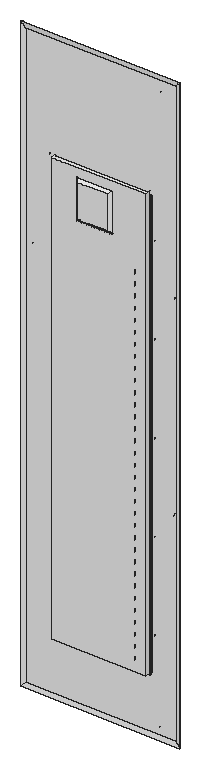
Revit family "Leviton_CATSTD-LDC-66-W-D01", category Electrical Equipment, host Wall, Revit 2026
Family settings
  Host = Wall
  Panel Configuration = Two Columns, Circuits Across
  Round Connector Dimension = Use Diameter
  Part Type = Panelboard
  Always vertical = Yes
  Cut with Voids When Loaded = Yes
  Maintain Annotation Orientation = No
  Shared = No
  Room Calculation Point = No
Parameters
  Weight = 29.00 lbf
  Wattage = ""
  Voltage_MEP = 0 V
  Voltage = ""
  Unit Width = Overall Width - 1.349"  # 14.116"
  Unit Height = Overall Height - 1.9138"  # 55.8892"
  Unit Depth = 0.917"  # constant formula
  URL = "https://www.leviton.com/en"
  built-in parameter 1140142 [instance] = (empty or 0)
  Specification = "https://www.arcat.com/company/leviton-mfg-co-inc-41690/spec"
  built-in parameter 1140080 [instance] = (empty or 0)
  Product Data = "https://www.arcat.com/arcatcos/cos41/arc41690.html"
  Panel Name [instance] = (empty or 0)
  Swing Panel Angle [instance] = 0.00°
  Overall Width = 15.465"  # constant formula
  Overall Height = 57.803"  # constant formula
  Number of Pole = 1
  Neutral Rating = 0.00%
  Neutral Bus = (empty or 0)
  NEMA Enclosure Type = "NEMA 1 Indoor"
  built-in parameter 1140081 [instance] = (empty or 0)
  Model = "LDC66POS"
  built-in parameter 1140079 [instance] = (empty or 0)
  Manufacturer = "Leviton"  # constant formula
  Mains Type = ""
  built-in parameter 1140082 [instance] = (empty or 0)
  built-in parameter 1140140 [instance] = (empty or 0)
  Load Classification [instance] = none
  Ground Bus = no
  built-in parameter 1155100 [instance] = -1
  built-in parameter 1140138 [instance] = (empty or 0)
  Dimensions = "57.803\" H x 15.465\" W x 0.917\" D"
  Description = "66 Space Indoor Load Center Cover and Door with Window"
  Default Elevation = 0.000"
  Cost = 1
  Copyright = "© 2022 Leviton Manufacturing Co., Inc."  # constant formula
  built-in parameter 1140086 [instance] = (empty or 0)
  built-in parameter 1140085 [instance] = (empty or 0)
  built-in parameter 1140087 [instance] = element -7000010
  built-in parameter 1140143 = (empty or 0)
Reference planes (in)
  plane 1: y = 0
  plane 2 "Center (Left/Right)": x = 0
  plane 3 "Wall Edge": y = 3
  plane 4: z = 74.20675
  plane 5: x = -7.7325
  plane 6: x = 7.7325
  plane 7 "Base": z = 16.40375
  plane 8: y = 2.63905
  plane 9: z = 73.24985
  plane 10: z = 17.36065
  plane 11: x = -7.058
  plane 12: x = 7.058
  plane 13: y = 3.10905
  plane 14: y = 3.05853
  plane 15: y = 3.32605
  plane 16: y = 3.529
  plane 17: z = 63.83776
  plane 18: z = 21.62167
  plane 19: x = -5.00039
  plane 20: z = 17.07875
  plane 21: z = 73.53175
  plane 22: y = 2.70255
  plane 23: x = 6.87807
  plane 24: x = 5.50038
  plane 25: x = -5.50038
  plane 26: x = -6.87535
  plane 27: z = 72.83024
  plane 28: z = 55.39287
  plane 29: z = 36.57898
  plane 30: z = 17.7651
  plane 31: z = 71.548
  plane 32: z = 71.923
  plane 33: z = 19.0625
  plane 34: z = 18.6875
  plane 35: x = -4.83588
  plane 36: x = 4.93789
  plane 37: x = 4.7125
  plane 38: x = -4.4225
  plane 39: z = 63.64675
  plane 40: z = 21.80375
  plane 41: y = 2.40905
  plane 42: x = -1.95883
  plane 43: x = 1.50117
  plane 44: z = 62.82923
  plane 45: z = 59.02923
  plane 46: x = -3.63833
  plane 47: x = -0.40283
  plane 48: x = 0.52817
  plane 49: x = 3.63867
  plane 50: y = 2.95255
Forms (in)
  Sweep 1, solid, material "Body"
    path origin (0, 3, 0) x (1, 0, 0) y (0, 0, 1)
      loop
        line (-7.058, 73.53175) -> (-7.058, 17.07875) -> (7.058, 17.07875) -> (7.058, 73.53175) -> (-7.058, 73.53175)
    profile origin (-7.058, 3, 45.30525) x (0, -1, 0) y (1, 0, 0)
      loop
        line (-0.10905, 0) -> (-0.10905, -0.29564) -> (-0.05902, -0.67451) -> (0.00005, -0.66671) -> (-0.05853, -0.22311) -> (-0.05853, 0) -> (-0.10905, 0)
  Sweep 2, solid, material "Body"
    path origin (0, 3, 0) x (1, 0, 0) y (0, 0, 1)
      loop
        line (-5.00039, 63.43776) -> (-5.00039, 22.02167)
        arc (-5.00039, 22.02167) -> (-4.88323, 21.73883) -> (-4.60039, 21.62167) r 0.4
        line (-4.60039, 21.62167) -> (4.43588, 21.62167)
        arc (4.43588, 21.62167) -> (4.71872, 21.73883) -> (4.83588, 22.02167) r 0.4
        line (4.83588, 22.02167) -> (4.83588, 63.43776)
        arc (4.83588, 63.43776) -> (4.71872, 63.7206) -> (4.43588, 63.83776) r 0.4
        line (4.43588, 63.83776) -> (-4.60039, 63.83776)
        arc (-4.60039, 63.83776) -> (-4.88323, 63.7206) -> (-5.00039, 63.43776) r 0.4
    profile origin (-5.00039, 3, 42.72972) x (0, -1, 0) y (1, 0, 0)
      loop
        line (-0.10905, -1.24997) -> (-0.10905, -1.02544) -> (-0.27605, -0.29436) -> (-0.27605, -0.05) -> (-0.05853, -0.05) -> (-0.05853, 0.1) -> (-0.10905, 0.1) -> (-0.10905, 0) -> (-0.32605, 0) -> (-0.32605, -0.29999) -> (-0.10905, -1.24997)
  Extrusion 3, solid, material "Body"
    sketch origin (0, 3, 0) x (1, 0, 0) y (0, 0, 1)
      loop
        line (7.058, 17.07875) -> (7.058, 73.53175) -> (-7.058, 73.53175) -> (-7.058, 17.07875) -> (7.058, 17.07875)
      loop
        line (-4.4225, 63.64675) -> (-4.4225, 21.80375) -> (4.7125, 21.80375) -> (4.7125, 63.64675) -> (-4.4225, 63.64675)
    from -0.10905 to -0.05853
  Extrusion 4, void
    sketch origin (0, 3, 0) x (1, 0, 0) y (0, 0, 1)
      loop
        line (4.7125, 63.64675) -> (-4.4225, 63.64675) -> (-4.4225, 21.80375) -> (4.7125, 21.80375) -> (4.7125, 63.64675)
    from -0.47169 to 0.36095
  Sweep 5, solid, material "Body"
    path origin (0, 3, 0) x (1, 0, 0) y (0, 0, 1)
      loop
        line (-4.4225, 63.64675) -> (-4.4225, 21.80375) -> (4.7125, 21.80375) -> (4.7125, 63.64675) -> (-4.4225, 63.64675)
    profile origin (-4.4225, 3, 42.72525) x (0, -1, 0) y (1, 0, 0)
      loop
        line (-0.10905, 0) -> (0.36095, 0) -> (0.36095, 0.05866) -> (-0.10905, 0.05866) -> (-0.10905, 0)
  Extrusion 6, solid, material "Body"
    sketch origin (0, 3, 0) x (1, 0, 0) y (0, 0, 1)
      loop
        line (-4.4225, 63.64675) -> (-4.4225, 21.80375) -> (4.7125, 21.80375) -> (4.7125, 63.64675) -> (-4.4225, 63.64675)
      loop
        line (-1.95883, 62.82923) -> (-1.95883, 59.02923) -> (1.50117, 59.02923) -> (1.50117, 62.82923) -> (-1.95883, 62.82923)
    from 0.29745 to 0.36095
  Blend 7, solid, material "Body"
    base sketch origin (0, 3, 0) x (1, 0, 0) y (0, 0, 1)
      loop
        line (-1.95883, 62.82923) -> (-1.95883, 59.02923) -> (1.50117, 59.02923) -> (1.50117, 62.82923) -> (-1.95883, 62.82923)
    top sketch origin (0, 3, 0) x (1, 0, 0) y (0, 0, 1)
      loop
        line (1.20117, 62.52923) -> (-1.65883, 62.52923) -> (-1.65883, 59.32923) -> (1.20117, 59.32923) -> (1.20117, 62.52923)
    from 0.29745 to 0.59095
  Extrusion 8, solid, material "Body"
    sketch origin (0.00033, 2.70255, 16.21925) x (-1, 0, 0) y (0, 0, 1)
      loop
        line (-0.52783, 40.60085) -> (-3.63783, 40.60085) -> (-3.63783, 40.14123) -> (-0.52783, 40.14123) -> (-0.52783, 40.60085)
      loop
        line (0.40317, 40.60085) -> (0.40317, 40.14123) -> (3.63817, 40.14123) -> (3.63817, 40.60085) -> (0.40317, 40.60085)
    from 0 to 0.25
  Extrusion 9, solid, material "Body"
    sketch origin (0.00033, 2.70255, -17.375) x (-1, 0, 0) y (0, 0, 1)
      loop
        line (-0.52783, 40.60085) -> (-3.63783, 40.60085) -> (-3.63783, 40.14123) -> (-0.52783, 40.14123) -> (-0.52783, 40.60085)
      loop
        line (0.40317, 40.60085) -> (0.40317, 40.14123) -> (3.63817, 40.14123) -> (3.63817, 40.60085) -> (0.40317, 40.60085)
    from 0 to 0.25
  Extrusion 10, solid, material "Body"
    sketch origin (0.00033, 2.70255, 15.16943) x (-1, 0, 0) y (0, 0, 1)
      loop
        line (-0.52783, 40.60085) -> (-3.63783, 40.60085) -> (-3.63783, 40.14123) -> (-0.52783, 40.14123) -> (-0.52783, 40.60085)
      loop
        line (0.40317, 40.60085) -> (0.40317, 40.14123) -> (3.63817, 40.14123) -> (3.63817, 40.60085) -> (0.40317, 40.60085)
    from 0 to 0.25
  Extrusion 11, solid, material "Body"
    sketch origin (0.00033, 2.70255, 14.11961) x (-1, 0, 0) y (0, 0, 1)
      loop
        line (-0.52783, 40.60085) -> (-3.63783, 40.60085) -> (-3.63783, 40.14123) -> (-0.52783, 40.14123) -> (-0.52783, 40.60085)
      loop
        line (0.40317, 40.60085) -> (0.40317, 40.14123) -> (3.63817, 40.14123) -> (3.63817, 40.60085) -> (0.40317, 40.60085)
    from 0 to 0.25
  Extrusion 12, solid, material "Body"
    sketch origin (0.00033, 2.70255, 13.06979) x (-1, 0, 0) y (0, 0, 1)
      loop
        line (-0.52783, 40.60085) -> (-3.63783, 40.60085) -> (-3.63783, 40.14123) -> (-0.52783, 40.14123) -> (-0.52783, 40.60085)
      loop
        line (0.40317, 40.60085) -> (0.40317, 40.14123) -> (3.63817, 40.14123) -> (3.63817, 40.60085) -> (0.40317, 40.60085)
    from 0 to 0.25
  Extrusion 13, solid, material "Body"
    sketch origin (0.00033, 2.70255, 12.01997) x (-1, 0, 0) y (0, 0, 1)
      loop
        line (-0.52783, 40.60085) -> (-3.63783, 40.60085) -> (-3.63783, 40.14123) -> (-0.52783, 40.14123) -> (-0.52783, 40.60085)
      loop
        line (0.40317, 40.60085) -> (0.40317, 40.14123) -> (3.63817, 40.14123) -> (3.63817, 40.60085) -> (0.40317, 40.60085)
    from 0 to 0.25
  Extrusion 14, solid, material "Body"
    sketch origin (0.00033, 2.70255, 10.97015) x (-1, 0, 0) y (0, 0, 1)
      loop
        line (-0.52783, 40.60085) -> (-3.63783, 40.60085) -> (-3.63783, 40.14123) -> (-0.52783, 40.14123) -> (-0.52783, 40.60085)
      loop
        line (0.40317, 40.60085) -> (0.40317, 40.14123) -> (3.63817, 40.14123) -> (3.63817, 40.60085) -> (0.40317, 40.60085)
    from 0 to 0.25
  Extrusion 15, solid, material "Body"
    sketch origin (0.00033, 2.70255, 9.92033) x (-1, 0, 0) y (0, 0, 1)
      loop
        line (-0.52783, 40.60085) -> (-3.63783, 40.60085) -> (-3.63783, 40.14123) -> (-0.52783, 40.14123) -> (-0.52783, 40.60085)
      loop
        line (0.40317, 40.60085) -> (0.40317, 40.14123) -> (3.63817, 40.14123) -> (3.63817, 40.60085) -> (0.40317, 40.60085)
    from 0 to 0.25
  Extrusion 16, solid, material "Body"
    sketch origin (0.00033, 2.70255, 8.87051) x (-1, 0, 0) y (0, 0, 1)
      loop
        line (-0.52783, 40.60085) -> (-3.63783, 40.60085) -> (-3.63783, 40.14123) -> (-0.52783, 40.14123) -> (-0.52783, 40.60085)
      loop
        line (0.40317, 40.60085) -> (0.40317, 40.14123) -> (3.63817, 40.14123) -> (3.63817, 40.60085) -> (0.40317, 40.60085)
    from 0 to 0.25
  Extrusion 17, solid, material "Body"
    sketch origin (0.00033, 2.70255, 7.82069) x (-1, 0, 0) y (0, 0, 1)
      loop
        line (-0.52783, 40.60085) -> (-3.63783, 40.60085) -> (-3.63783, 40.14123) -> (-0.52783, 40.14123) -> (-0.52783, 40.60085)
      loop
        line (0.40317, 40.60085) -> (0.40317, 40.14123) -> (3.63817, 40.14123) -> (3.63817, 40.60085) -> (0.40317, 40.60085)
    from 0 to 0.25
  Extrusion 18, solid, material "Body"
    sketch origin (0.00033, 2.70255, 6.77087) x (-1, 0, 0) y (0, 0, 1)
      loop
        line (-0.52783, 40.60085) -> (-3.63783, 40.60085) -> (-3.63783, 40.14123) -> (-0.52783, 40.14123) -> (-0.52783, 40.60085)
      loop
        line (0.40317, 40.60085) -> (0.40317, 40.14123) -> (3.63817, 40.14123) -> (3.63817, 40.60085) -> (0.40317, 40.60085)
    from 0 to 0.25
  Extrusion 19, solid, material "Body"
    sketch origin (0.00033, 2.70255, 5.72105) x (-1, 0, 0) y (0, 0, 1)
      loop
        line (-0.52783, 40.60085) -> (-3.63783, 40.60085) -> (-3.63783, 40.14123) -> (-0.52783, 40.14123) -> (-0.52783, 40.60085)
      loop
        line (0.40317, 40.60085) -> (0.40317, 40.14123) -> (3.63817, 40.14123) -> (3.63817, 40.60085) -> (0.40317, 40.60085)
    from 0 to 0.25
  Extrusion 20, solid, material "Body"
    sketch origin (0.00033, 2.70255, 4.67123) x (-1, 0, 0) y (0, 0, 1)
      loop
        line (-0.52783, 40.60085) -> (-3.63783, 40.60085) -> (-3.63783, 40.14123) -> (-0.52783, 40.14123) -> (-0.52783, 40.60085)
      loop
        line (0.40317, 40.60085) -> (0.40317, 40.14123) -> (3.63817, 40.14123) -> (3.63817, 40.60085) -> (0.40317, 40.60085)
    from 0 to 0.25
  Extrusion 21, solid, material "Body"
    sketch origin (0.00033, 2.70255, 3.62141) x (-1, 0, 0) y (0, 0, 1)
      loop
        line (-0.52783, 40.60085) -> (-3.63783, 40.60085) -> (-3.63783, 40.14123) -> (-0.52783, 40.14123) -> (-0.52783, 40.60085)
      loop
        line (0.40317, 40.60085) -> (0.40317, 40.14123) -> (3.63817, 40.14123) -> (3.63817, 40.60085) -> (0.40317, 40.60085)
    from 0 to 0.25
  Extrusion 22, solid, material "Body"
    sketch origin (0.00033, 2.70255, 2.57159) x (-1, 0, 0) y (0, 0, 1)
      loop
        line (-0.52783, 40.60085) -> (-3.63783, 40.60085) -> (-3.63783, 40.14123) -> (-0.52783, 40.14123) -> (-0.52783, 40.60085)
      loop
        line (0.40317, 40.60085) -> (0.40317, 40.14123) -> (3.63817, 40.14123) -> (3.63817, 40.60085) -> (0.40317, 40.60085)
    from 0 to 0.25
  Extrusion 23, solid, material "Body"
    sketch origin (0.00033, 2.70255, 1.52177) x (-1, 0, 0) y (0, 0, 1)
      loop
        line (-0.52783, 40.60085) -> (-3.63783, 40.60085) -> (-3.63783, 40.14123) -> (-0.52783, 40.14123) -> (-0.52783, 40.60085)
      loop
        line (0.40317, 40.60085) -> (0.40317, 40.14123) -> (3.63817, 40.14123) -> (3.63817, 40.60085) -> (0.40317, 40.60085)
    from 0 to 0.25
  Extrusion 24, solid, material "Body"
    sketch origin (0.00033, 2.70255, 0.47195) x (-1, 0, 0) y (0, 0, 1)
      loop
        line (-0.52783, 40.60085) -> (-3.63783, 40.60085) -> (-3.63783, 40.14123) -> (-0.52783, 40.14123) -> (-0.52783, 40.60085)
      loop
        line (0.40317, 40.60085) -> (0.40317, 40.14123) -> (3.63817, 40.14123) -> (3.63817, 40.60085) -> (0.40317, 40.60085)
    from 0 to 0.25
  Extrusion 25, solid, material "Body"
    sketch origin (0.00033, 2.70255, -0.57788) x (-1, 0, 0) y (0, 0, 1)
      loop
        line (-0.52783, 40.60085) -> (-3.63783, 40.60085) -> (-3.63783, 40.14123) -> (-0.52783, 40.14123) -> (-0.52783, 40.60085)
      loop
        line (0.40317, 40.60085) -> (0.40317, 40.14123) -> (3.63817, 40.14123) -> (3.63817, 40.60085) -> (0.40317, 40.60085)
    from 0 to 0.25
  Extrusion 26, solid, material "Body"
    sketch origin (0.00033, 2.70255, -1.6277) x (-1, 0, 0) y (0, 0, 1)
      loop
        line (-0.52783, 40.60085) -> (-3.63783, 40.60085) -> (-3.63783, 40.14123) -> (-0.52783, 40.14123) -> (-0.52783, 40.60085)
      loop
        line (0.40317, 40.60085) -> (0.40317, 40.14123) -> (3.63817, 40.14123) -> (3.63817, 40.60085) -> (0.40317, 40.60085)
    from 0 to 0.25
  Extrusion 27, solid, material "Body"
    sketch origin (0.00033, 2.70255, -2.67752) x (-1, 0, 0) y (0, 0, 1)
      loop
        line (-0.52783, 40.60085) -> (-3.63783, 40.60085) -> (-3.63783, 40.14123) -> (-0.52783, 40.14123) -> (-0.52783, 40.60085)
      loop
        line (0.40317, 40.60085) -> (0.40317, 40.14123) -> (3.63817, 40.14123) -> (3.63817, 40.60085) -> (0.40317, 40.60085)
    from 0 to 0.25
  Extrusion 28, solid, material "Body"
    sketch origin (0.00033, 2.70255, -3.72734) x (-1, 0, 0) y (0, 0, 1)
      loop
        line (-0.52783, 40.60085) -> (-3.63783, 40.60085) -> (-3.63783, 40.14123) -> (-0.52783, 40.14123) -> (-0.52783, 40.60085)
      loop
        line (0.40317, 40.60085) -> (0.40317, 40.14123) -> (3.63817, 40.14123) -> (3.63817, 40.60085) -> (0.40317, 40.60085)
    from 0 to 0.25
  Extrusion 29, solid, material "Body"
    sketch origin (0.00033, 2.70255, -4.77716) x (-1, 0, 0) y (0, 0, 1)
      loop
        line (-0.52783, 40.60085) -> (-3.63783, 40.60085) -> (-3.63783, 40.14123) -> (-0.52783, 40.14123) -> (-0.52783, 40.60085)
      loop
        line (0.40317, 40.60085) -> (0.40317, 40.14123) -> (3.63817, 40.14123) -> (3.63817, 40.60085) -> (0.40317, 40.60085)
    from 0 to 0.25
  Extrusion 30, solid, material "Body"
    sketch origin (0.00033, 2.70255, -5.82698) x (-1, 0, 0) y (0, 0, 1)
      loop
        line (-0.52783, 40.60085) -> (-3.63783, 40.60085) -> (-3.63783, 40.14123) -> (-0.52783, 40.14123) -> (-0.52783, 40.60085)
      loop
        line (0.40317, 40.60085) -> (0.40317, 40.14123) -> (3.63817, 40.14123) -> (3.63817, 40.60085) -> (0.40317, 40.60085)
    from 0 to 0.25
  Extrusion 31, solid, material "Body"
    sketch origin (0.00033, 2.70255, -6.8768) x (-1, 0, 0) y (0, 0, 1)
      loop
        line (-0.52783, 40.60085) -> (-3.63783, 40.60085) -> (-3.63783, 40.14123) -> (-0.52783, 40.14123) -> (-0.52783, 40.60085)
      loop
        line (0.40317, 40.60085) -> (0.40317, 40.14123) -> (3.63817, 40.14123) -> (3.63817, 40.60085) -> (0.40317, 40.60085)
    from 0 to 0.25
  Extrusion 32, solid, material "Body"
    sketch origin (0.00033, 2.70255, -7.92662) x (-1, 0, 0) y (0, 0, 1)
      loop
        line (-0.52783, 40.60085) -> (-3.63783, 40.60085) -> (-3.63783, 40.14123) -> (-0.52783, 40.14123) -> (-0.52783, 40.60085)
      loop
        line (0.40317, 40.60085) -> (0.40317, 40.14123) -> (3.63817, 40.14123) -> (3.63817, 40.60085) -> (0.40317, 40.60085)
    from 0 to 0.25
  Extrusion 33, solid, material "Body"
    sketch origin (0.00033, 2.70255, -8.97644) x (-1, 0, 0) y (0, 0, 1)
      loop
        line (-0.52783, 40.60085) -> (-3.63783, 40.60085) -> (-3.63783, 40.14123) -> (-0.52783, 40.14123) -> (-0.52783, 40.60085)
      loop
        line (0.40317, 40.60085) -> (0.40317, 40.14123) -> (3.63817, 40.14123) -> (3.63817, 40.60085) -> (0.40317, 40.60085)
    from 0 to 0.25
  Extrusion 34, solid, material "Body"
    sketch origin (0.00033, 2.70255, -10.02626) x (-1, 0, 0) y (0, 0, 1)
      loop
        line (-0.52783, 40.60085) -> (-3.63783, 40.60085) -> (-3.63783, 40.14123) -> (-0.52783, 40.14123) -> (-0.52783, 40.60085)
      loop
        line (0.40317, 40.60085) -> (0.40317, 40.14123) -> (3.63817, 40.14123) -> (3.63817, 40.60085) -> (0.40317, 40.60085)
    from 0 to 0.25
  Extrusion 35, solid, material "Body"
    sketch origin (0.00033, 2.70255, -11.07608) x (-1, 0, 0) y (0, 0, 1)
      loop
        line (-0.52783, 40.60085) -> (-3.63783, 40.60085) -> (-3.63783, 40.14123) -> (-0.52783, 40.14123) -> (-0.52783, 40.60085)
      loop
        line (0.40317, 40.60085) -> (0.40317, 40.14123) -> (3.63817, 40.14123) -> (3.63817, 40.60085) -> (0.40317, 40.60085)
    from 0 to 0.25
  Extrusion 36, solid, material "Body"
    sketch origin (0.00033, 2.70255, -12.1259) x (-1, 0, 0) y (0, 0, 1)
      loop
        line (-0.52783, 40.60085) -> (-3.63783, 40.60085) -> (-3.63783, 40.14123) -> (-0.52783, 40.14123) -> (-0.52783, 40.60085)
      loop
        line (0.40317, 40.60085) -> (0.40317, 40.14123) -> (3.63817, 40.14123) -> (3.63817, 40.60085) -> (0.40317, 40.60085)
    from 0 to 0.25
  Extrusion 37, solid, material "Body"
    sketch origin (0.00033, 2.70255, -13.17572) x (-1, 0, 0) y (0, 0, 1)
      loop
        line (-0.52783, 40.60085) -> (-3.63783, 40.60085) -> (-3.63783, 40.14123) -> (-0.52783, 40.14123) -> (-0.52783, 40.60085)
      loop
        line (0.40317, 40.60085) -> (0.40317, 40.14123) -> (3.63817, 40.14123) -> (3.63817, 40.60085) -> (0.40317, 40.60085)
    from 0 to 0.25
  Extrusion 38, solid, material "Body"
    sketch origin (0.00033, 2.70255, -14.22554) x (-1, 0, 0) y (0, 0, 1)
      loop
        line (-0.52783, 40.60085) -> (-3.63783, 40.60085) -> (-3.63783, 40.14123) -> (-0.52783, 40.14123) -> (-0.52783, 40.60085)
      loop
        line (0.40317, 40.60085) -> (0.40317, 40.14123) -> (3.63817, 40.14123) -> (3.63817, 40.60085) -> (0.40317, 40.60085)
    from 0 to 0.25
  Extrusion 39, solid, material "Body"
    sketch origin (0.00033, 2.70255, -15.27536) x (-1, 0, 0) y (0, 0, 1)
      loop
        line (-0.52783, 40.60085) -> (-3.63783, 40.60085) -> (-3.63783, 40.14123) -> (-0.52783, 40.14123) -> (-0.52783, 40.60085)
      loop
        line (0.40317, 40.60085) -> (0.40317, 40.14123) -> (3.63817, 40.14123) -> (3.63817, 40.60085) -> (0.40317, 40.60085)
    from 0 to 0.25
  Extrusion 40, solid, material "Body"
    sketch origin (0.00033, 2.70255, -16.32518) x (-1, 0, 0) y (0, 0, 1)
      loop
        line (-0.52783, 40.60085) -> (-3.63783, 40.60085) -> (-3.63783, 40.14123) -> (-0.52783, 40.14123) -> (-0.52783, 40.60085)
      loop
        line (0.40317, 40.60085) -> (0.40317, 40.14123) -> (3.63817, 40.14123) -> (3.63817, 40.60085) -> (0.40317, 40.60085)
    from 0 to 0.25
Cuts and joins
  joined: Sweep 1, Sweep 2, Extrusion 3, Sweep 5, Extrusion 6
Lines and regions (in)
  reference lines
    curve 1: line (4.93789, 3.32605, 16.40375) -> (-88.06211, 3.32605, 16.40375)
Text (in)
  text "Placement Side" at (0, 40.15149, 123.01588), in view "Right"
  text "Placement Side" at (-70.3804, 28.46503, 0), in view "Ref. Level"
  text "Placement Side" at (0, 81.62555, 140.59947), in view "Left"
Dimensions and locks (in)
  locked: plane 3 "Wall Edge" to host wall
  "Overall Height": plane 7 "Base" to plane 4
  equal spacing: plane 5, plane 2 "Center (Left/Right)", plane 6
  "Overall Width": plane 5 to plane 6
  level to plane 7 "Base" = 16.40375"
  equal spacing: plane 11, plane 2 "Center (Left/Right)", plane 12
  "Unit Width": plane 11 to plane 12
  "Unit Height": plane 10 to plane 9
  plane 5 to plane 11 = 0.6745"
  plane 12 to plane 6 = 0.6745"
  plane 7 "Base" to plane 4 = 57.803"
  plane 10 to plane 9 = 55.8892"
  locked: plane 7 "Base" to plane 18 at 5.21792
  locked: plane 17 to plane 4 at 10.36899
  locked: plane 5 to plane 19 at 2.73211
  plane 3 "Wall Edge" to plane 14 to plane 13 to plane 15 = 0.05853" locked, 0.05053" locked, 0.217" locked
  locked: plane 19 to Sweep 2 sketch curve at 0.4  (x2)
  locked: plane 18 to Sweep 2 sketch curve at 0.4  (x2)
  locked: Sweep 2 sketch curve to plane 17 at 0.4  (x2)
  locked: plane 21 to plane 4 at 0.675
  locked: plane 7 "Base" to plane 20 at 0.675
  locked: plane 22 to plane 8 at 0.0635
  plane 24 to plane 23 to plane 6 = 1.37769" locked, 0.85443" locked
  plane 5 to plane 26 to plane 25 = 0.85715" locked, 1.37497" locked
  locked: plane 7 "Base" to plane 30 at 1.36135
  locked: plane 27 to plane 4 at 1.37651
  plane 7 "Base" to plane 29 to plane 28 to plane 4 = 20.17523", 18.81388", 18.81388"
  equal spacing: plane 30, plane 29, plane 28, plane 4
  locked: plane 7 "Base" to plane 10 at 0.9569
  plane 31 to plane 32 to plane 4 = 0.375" locked, 2.28375" locked
  locked: plane 33 to plane 34 at 0.375
  locked: plane 7 "Base" to plane 34 at 2.28375
  locked: plane 3 "Wall Edge" to plane 16 at 0.529
  locked: plane 36 to plane 6 at 2.79461
  "Unit Depth": plane 15 to plane 41
  locked: plane 37 to plane 6 at 3.02
  locked: plane 5 to plane 38 at 3.31
  locked: plane 39 to plane 4 at 10.56
  locked: plane 7 "Base" to plane 40 at 5.4
  locked: plane 8 to plane 41 at 0.23
  locked: plane 45 to plane 44 at 3.8
  locked: plane 42 to plane 43 at 3.46
  locked: plane 2 "Center (Left/Right)" to plane 42 at 1.95883
  plane 47 to plane 2 "Center (Left/Right)" to plane 48 = 0.40283", 0.52817" locked
  locked: plane 5 to plane 46 at 4.09417
  locked: plane 49 to plane 6 at 4.09383
  locked: plane 35 to plane 19 at 0.16451
  locked: plane 50 to plane 22 at 0.25
  equal spacing: group 1, group 3, group 4, group 5, group 6, group 7, group 8, group 9, group 10, group 11, group 12, group 13, group 14, group 15, group 16, group 17, group 18, group 19, group 20, group 21, group 22, group 23, group 24, group 25, group 26, group 27, group 28, group 29, group 30, group 31, group 32, group 33, group 2  (x2)
  equal spacing: group 2, group 33, group 32, group 31, group 30, group 29, group 28, group 27, group 26, group 25, group 24, group 23, group 22, group 21, group 20, group 19, group 18, group 17, group 16, group 15, group 14, group 13, group 12, group 11, group 10, group 9, group 8, group 7, group 6, group 5, group 4, group 3, group 1
  locked: plane 40 to Extrusion 9 at 0.96248
  locked: Extrusion 8 to plane 45 at 2.20913
  locked: plane 44 to plane 4 at 11.37752
  "Swing Panel Angle": angle curve 1 to plane 3 "Wall Edge"
  aligned and locked: plane 11 to Sweep 1 sketch curve
  aligned and locked: plane 12 to Sweep 1 sketch curve
  aligned and locked: plane 17 to Sweep 2 sketch curve
  aligned and locked: plane 18 to Sweep 2 sketch curve
  aligned and locked: plane 13 to Sweep 2 sketch curve
  aligned and locked: Sweep 2 sketch curve to plane 13
  aligned and locked: plane 14 to Sweep 2 sketch curve
  aligned and locked: profile plane to Sweep 2 sketch curve
  aligned and locked: Sweep 2 sketch curve to plane 15
  aligned and locked: plane 20 to Sweep 1 sketch curve
  aligned and locked: plane 21 to Sweep 1 sketch curve
  aligned and locked: plane 20 to Extrusion 3 sketch curve
  aligned and locked: plane 11 to Extrusion 3 sketch curve
  aligned and locked: plane 12 to Extrusion 3 sketch curve
  aligned and locked: plane 13 to Extrusion 3
  aligned and locked: Extrusion 3 to plane 14
  aligned and locked: plane 21 to Extrusion 3 sketch curve
  aligned and locked: plane 27 to nested 1
  aligned and locked: nested 1 to plane 24
  aligned and locked: nested 2 to plane 25
  aligned and locked: plane 27 to nested 2
  aligned and locked: nested 3 to plane 26
  aligned and locked: plane 28 to nested 3
  aligned and locked: nested 4 to plane 23
  aligned and locked: plane 28 to nested 4
  aligned and locked: nested 5 to plane 23
  aligned and locked: plane 29 to nested 5
  aligned and locked: nested 6 to plane 26
  aligned and locked: plane 29 to nested 6
  aligned and locked: nested 7 to plane 25
  aligned and locked: plane 30 to nested 7
  aligned and locked: nested 8 to plane 24
  aligned and locked: plane 30 to nested 8
  aligned and locked: plane 15 to curve 1
  aligned and locked: plane 36 to curve 1
  aligned and locked: plane 39 to Extrusion 4 sketch curve
  aligned and locked: Extrusion 4 sketch curve to plane 38
  aligned and locked: Extrusion 4 sketch curve to plane 37
  aligned and locked: plane 40 to Extrusion 4 sketch curve
  aligned and locked: plane 38 to Sweep 5 sketch curve
  aligned and locked: plane 39 to Sweep 5 sketch curve
  aligned and locked: plane 37 to Sweep 5 sketch curve
  aligned and locked: plane 40 to Sweep 5 sketch curve
  aligned and locked: Sweep 5 sketch curve to profile plane
  aligned and locked: plane 8 to Sweep 5 sketch curve  (x2)
  aligned and locked: Extrusion 3 sketch curve to plane 39
  aligned and locked: Extrusion 3 sketch curve to plane 37
  aligned and locked: Extrusion 3 sketch curve to plane 40
  aligned and locked: Extrusion 3 sketch curve to plane 38
  aligned and locked: plane 39 to Extrusion 6 sketch curve
  aligned and locked: plane 38 to Extrusion 6 sketch curve
  aligned and locked: plane 37 to Extrusion 6 sketch curve
  aligned and locked: plane 40 to Extrusion 6 sketch curve
  aligned and locked: plane 22 to Extrusion 6
  aligned and locked: Extrusion 6 to plane 8
  aligned and locked: Sweep 5 sketch curve to plane 13
  aligned and locked: plane 44 to Extrusion 6 sketch curve
  aligned and locked: plane 42 to Extrusion 6 sketch curve
  aligned and locked: plane 43 to Extrusion 6 sketch curve
  aligned and locked: plane 45 to Extrusion 6 sketch curve
  aligned and locked: plane 44 to Blend 7 sketch curve
  aligned and locked: plane 42 to Blend 7 sketch curve
  aligned and locked: plane 43 to Blend 7 sketch curve
  aligned and locked: plane 45 to Blend 7 sketch curve
  aligned and locked: plane 22 to Blend 7
  aligned and locked: Blend 7 to plane 41
  aligned and locked: plane 48 to Extrusion 8  (x2)
  aligned and locked: Extrusion 8 to plane 22
  aligned and locked: plane 50 to Extrusion 8
  aligned and locked: Extrusion 9 to plane 22
  aligned and locked: plane 22 to Extrusion 9
  aligned and locked: plane 50 to Extrusion 9
  aligned and locked: Extrusion 4 to plane 8
Automatic sketch dimensions
  Sweep 1 sketch curve to profile plane = 0.000"
  Sweep 1 sketch curve to plane 3 "Wall Edge" = 0.10905"
  Sweep 1 sketch curve to plane 3 "Wall Edge" = 0.05902"
  Sweep 1 sketch curve to plane 3 "Wall Edge" = 0.05853"
  plane 3 "Wall Edge" to Sweep 1 sketch curve = 0.00005"
  profile plane to Sweep 1 sketch curve = 0.22311"
  Sweep 1 sketch curve to Sweep 1 sketch curve = 0.07253"
  plane 37 to Sweep 2 sketch curve = 0.27662"
  Sweep 5 sketch curve to profile plane = 0.05866"
  Blend 7 sketch curve to plane 42 = 0.300"
  plane 43 to Blend 7 sketch curve = 0.300"
  Blend 7 sketch curve to plane 45 = 0.300"
  plane 44 to Blend 7 sketch curve = 0.300"
  Sweep 2 sketch curve to Sweep 2 sketch curve = 0.050"
  profile plane to Sweep 2 sketch curve = 0.050"
  Sweep 2 sketch curve to Sweep 2 sketch curve = 0.24436"
  Sweep 2 sketch curve to Sweep 2 sketch curve = 0.00564"
  Sweep 2 sketch curve to Sweep 2 sketch curve = 0.73109"
  Sweep 2 sketch curve to Sweep 2 sketch curve = 0.22453"
  Sweep 2 sketch curve to profile plane = 0.100"
  Extrusion 8 sketch curve to Extrusion 8 sketch curve = 0.45962"  (x2)
  Extrusion 8 sketch curve to Extrusion 8 sketch curve = 3.110"
  Extrusion 8 sketch curve to Extrusion 8 sketch curve = 0.931"
  Extrusion 8 sketch curve to Extrusion 8 sketch curve = 3.235"
  Extrusion 8 sketch curve to Extrusion 8 sketch curve = 0.000"
  Extrusion 9 sketch curve to Extrusion 9 sketch curve = 0.45962"  (x2)
  Extrusion 9 sketch curve to Extrusion 9 sketch curve = 3.110"
  Extrusion 9 sketch curve to Extrusion 9 sketch curve = 0.931"
  Extrusion 9 sketch curve to Extrusion 9 sketch curve = 3.235"
  Extrusion 9 sketch curve to Extrusion 9 sketch curve = 0.000"
  Extrusion 10 sketch curve to Extrusion 10 sketch curve = 0.45962"  (x2)
  Extrusion 10 sketch curve to Extrusion 10 sketch curve = 3.110"
  Extrusion 10 sketch curve to Extrusion 10 sketch curve = 0.931"
  Extrusion 10 sketch curve to Extrusion 10 sketch curve = 3.235"
  Extrusion 10 sketch curve to Extrusion 10 sketch curve = 0.000"
  Extrusion 11 sketch curve to Extrusion 11 sketch curve = 0.45962"  (x2)
  Extrusion 11 sketch curve to Extrusion 11 sketch curve = 3.110"
  Extrusion 11 sketch curve to Extrusion 11 sketch curve = 0.931"
  Extrusion 11 sketch curve to Extrusion 11 sketch curve = 3.235"
  Extrusion 11 sketch curve to Extrusion 11 sketch curve = 0.000"
  Extrusion 12 sketch curve to Extrusion 12 sketch curve = 0.45962"  (x2)
  Extrusion 12 sketch curve to Extrusion 12 sketch curve = 3.110"
  Extrusion 12 sketch curve to Extrusion 12 sketch curve = 0.931"
  Extrusion 12 sketch curve to Extrusion 12 sketch curve = 3.235"
  Extrusion 12 sketch curve to Extrusion 12 sketch curve = 0.000"
  Extrusion 13 sketch curve to Extrusion 13 sketch curve = 0.45962"  (x2)
  Extrusion 13 sketch curve to Extrusion 13 sketch curve = 3.110"
  Extrusion 13 sketch curve to Extrusion 13 sketch curve = 0.931"
  Extrusion 13 sketch curve to Extrusion 13 sketch curve = 3.235"
  Extrusion 13 sketch curve to Extrusion 13 sketch curve = 0.000"
  Extrusion 14 sketch curve to Extrusion 14 sketch curve = 0.45962"  (x2)
  Extrusion 14 sketch curve to Extrusion 14 sketch curve = 3.110"
  Extrusion 14 sketch curve to Extrusion 14 sketch curve = 0.931"
  Extrusion 14 sketch curve to Extrusion 14 sketch curve = 3.235"
  Extrusion 14 sketch curve to Extrusion 14 sketch curve = 0.000"
  Extrusion 15 sketch curve to Extrusion 15 sketch curve = 0.45962"  (x2)
  Extrusion 15 sketch curve to Extrusion 15 sketch curve = 3.110"
  Extrusion 15 sketch curve to Extrusion 15 sketch curve = 0.931"
  Extrusion 15 sketch curve to Extrusion 15 sketch curve = 3.235"
  Extrusion 15 sketch curve to Extrusion 15 sketch curve = 0.000"
  Extrusion 16 sketch curve to Extrusion 16 sketch curve = 0.45962"  (x2)
  Extrusion 16 sketch curve to Extrusion 16 sketch curve = 3.110"
  Extrusion 16 sketch curve to Extrusion 16 sketch curve = 0.931"
  Extrusion 16 sketch curve to Extrusion 16 sketch curve = 3.235"
  Extrusion 16 sketch curve to Extrusion 16 sketch curve = 0.000"
  Extrusion 17 sketch curve to Extrusion 17 sketch curve = 0.45962"  (x2)
  Extrusion 17 sketch curve to Extrusion 17 sketch curve = 3.110"
  Extrusion 17 sketch curve to Extrusion 17 sketch curve = 0.931"
  Extrusion 17 sketch curve to Extrusion 17 sketch curve = 3.235"
  Extrusion 17 sketch curve to Extrusion 17 sketch curve = 0.000"
  Extrusion 18 sketch curve to Extrusion 18 sketch curve = 0.45962"  (x2)
  Extrusion 18 sketch curve to Extrusion 18 sketch curve = 3.110"
  Extrusion 18 sketch curve to Extrusion 18 sketch curve = 0.931"
  Extrusion 18 sketch curve to Extrusion 18 sketch curve = 3.235"
  Extrusion 18 sketch curve to Extrusion 18 sketch curve = 0.000"
  Extrusion 19 sketch curve to Extrusion 19 sketch curve = 0.45962"  (x2)
  Extrusion 19 sketch curve to Extrusion 19 sketch curve = 3.110"
  Extrusion 19 sketch curve to Extrusion 19 sketch curve = 0.931"
  Extrusion 19 sketch curve to Extrusion 19 sketch curve = 3.235"
  Extrusion 19 sketch curve to Extrusion 19 sketch curve = 0.000"
  Extrusion 20 sketch curve to Extrusion 20 sketch curve = 0.45962"  (x2)
  Extrusion 20 sketch curve to Extrusion 20 sketch curve = 3.110"
  Extrusion 20 sketch curve to Extrusion 20 sketch curve = 0.931"
  Extrusion 20 sketch curve to Extrusion 20 sketch curve = 3.235"
  Extrusion 20 sketch curve to Extrusion 20 sketch curve = 0.000"
  Extrusion 21 sketch curve to Extrusion 21 sketch curve = 0.45962"  (x2)
  Extrusion 21 sketch curve to Extrusion 21 sketch curve = 3.110"
  Extrusion 21 sketch curve to Extrusion 21 sketch curve = 0.931"
  Extrusion 21 sketch curve to Extrusion 21 sketch curve = 3.235"
  Extrusion 21 sketch curve to Extrusion 21 sketch curve = 0.000"
  Extrusion 22 sketch curve to Extrusion 22 sketch curve = 0.45962"  (x2)
  Extrusion 22 sketch curve to Extrusion 22 sketch curve = 3.110"
  Extrusion 22 sketch curve to Extrusion 22 sketch curve = 0.931"
  Extrusion 22 sketch curve to Extrusion 22 sketch curve = 3.235"
  Extrusion 22 sketch curve to Extrusion 22 sketch curve = 0.000"
  Extrusion 23 sketch curve to Extrusion 23 sketch curve = 0.45962"  (x2)
  Extrusion 23 sketch curve to Extrusion 23 sketch curve = 3.110"
  Extrusion 23 sketch curve to Extrusion 23 sketch curve = 0.931"
  Extrusion 23 sketch curve to Extrusion 23 sketch curve = 3.235"
  Extrusion 23 sketch curve to Extrusion 23 sketch curve = 0.000"
  Extrusion 24 sketch curve to Extrusion 24 sketch curve = 0.45962"  (x2)
  Extrusion 24 sketch curve to Extrusion 24 sketch curve = 3.110"
  Extrusion 24 sketch curve to Extrusion 24 sketch curve = 0.931"
  Extrusion 24 sketch curve to Extrusion 24 sketch curve = 3.235"
  Extrusion 24 sketch curve to Extrusion 24 sketch curve = 0.000"
  Extrusion 25 sketch curve to Extrusion 25 sketch curve = 0.45962"  (x2)
  Extrusion 25 sketch curve to Extrusion 25 sketch curve = 3.110"
  Extrusion 25 sketch curve to Extrusion 25 sketch curve = 0.931"
  Extrusion 25 sketch curve to Extrusion 25 sketch curve = 3.235"
  Extrusion 25 sketch curve to Extrusion 25 sketch curve = 0.000"
  Extrusion 26 sketch curve to Extrusion 26 sketch curve = 0.45962"  (x2)
  Extrusion 26 sketch curve to Extrusion 26 sketch curve = 3.110"
  Extrusion 26 sketch curve to Extrusion 26 sketch curve = 0.931"
  Extrusion 26 sketch curve to Extrusion 26 sketch curve = 3.235"
  Extrusion 26 sketch curve to Extrusion 26 sketch curve = 0.000"
  Extrusion 27 sketch curve to Extrusion 27 sketch curve = 0.45962"  (x2)
  Extrusion 27 sketch curve to Extrusion 27 sketch curve = 3.110"
  Extrusion 27 sketch curve to Extrusion 27 sketch curve = 0.931"
  Extrusion 27 sketch curve to Extrusion 27 sketch curve = 3.235"
  Extrusion 27 sketch curve to Extrusion 27 sketch curve = 0.000"
  Extrusion 28 sketch curve to Extrusion 28 sketch curve = 0.45962"  (x2)
  Extrusion 28 sketch curve to Extrusion 28 sketch curve = 3.110"
  Extrusion 28 sketch curve to Extrusion 28 sketch curve = 0.931"
  Extrusion 28 sketch curve to Extrusion 28 sketch curve = 3.235"
  Extrusion 28 sketch curve to Extrusion 28 sketch curve = 0.000"
  Extrusion 29 sketch curve to Extrusion 29 sketch curve = 0.45962"  (x2)
  Extrusion 29 sketch curve to Extrusion 29 sketch curve = 3.110"
  Extrusion 29 sketch curve to Extrusion 29 sketch curve = 0.931"
  Extrusion 29 sketch curve to Extrusion 29 sketch curve = 3.235"
  Extrusion 29 sketch curve to Extrusion 29 sketch curve = 0.000"
  Extrusion 30 sketch curve to Extrusion 30 sketch curve = 0.45962"  (x2)
  Extrusion 30 sketch curve to Extrusion 30 sketch curve = 3.110"
  Extrusion 30 sketch curve to Extrusion 30 sketch curve = 0.931"
  Extrusion 30 sketch curve to Extrusion 30 sketch curve = 3.235"
  Extrusion 30 sketch curve to Extrusion 30 sketch curve = 0.000"
  Extrusion 31 sketch curve to Extrusion 31 sketch curve = 0.45962"  (x2)
  Extrusion 31 sketch curve to Extrusion 31 sketch curve = 3.110"
  Extrusion 31 sketch curve to Extrusion 31 sketch curve = 0.931"
  Extrusion 31 sketch curve to Extrusion 31 sketch curve = 3.235"
  Extrusion 31 sketch curve to Extrusion 31 sketch curve = 0.000"
  Extrusion 32 sketch curve to Extrusion 32 sketch curve = 0.45962"  (x2)
  Extrusion 32 sketch curve to Extrusion 32 sketch curve = 3.110"
  Extrusion 32 sketch curve to Extrusion 32 sketch curve = 0.931"
  Extrusion 32 sketch curve to Extrusion 32 sketch curve = 3.235"
  Extrusion 32 sketch curve to Extrusion 32 sketch curve = 0.000"
  Extrusion 33 sketch curve to Extrusion 33 sketch curve = 0.45962"  (x2)
  Extrusion 33 sketch curve to Extrusion 33 sketch curve = 3.110"
  Extrusion 33 sketch curve to Extrusion 33 sketch curve = 0.931"
  Extrusion 33 sketch curve to Extrusion 33 sketch curve = 3.235"
  Extrusion 33 sketch curve to Extrusion 33 sketch curve = 0.000"
  Extrusion 34 sketch curve to Extrusion 34 sketch curve = 0.45962"  (x2)
  Extrusion 34 sketch curve to Extrusion 34 sketch curve = 3.110"
  Extrusion 34 sketch curve to Extrusion 34 sketch curve = 0.931"
  Extrusion 34 sketch curve to Extrusion 34 sketch curve = 3.235"
  Extrusion 34 sketch curve to Extrusion 34 sketch curve = 0.000"
  Extrusion 35 sketch curve to Extrusion 35 sketch curve = 0.45962"  (x2)
  Extrusion 35 sketch curve to Extrusion 35 sketch curve = 3.110"
  Extrusion 35 sketch curve to Extrusion 35 sketch curve = 0.931"
  Extrusion 35 sketch curve to Extrusion 35 sketch curve = 3.235"
  Extrusion 35 sketch curve to Extrusion 35 sketch curve = 0.000"
  Extrusion 36 sketch curve to Extrusion 36 sketch curve = 0.45962"  (x2)
  Extrusion 36 sketch curve to Extrusion 36 sketch curve = 3.110"
  Extrusion 36 sketch curve to Extrusion 36 sketch curve = 0.931"
  Extrusion 36 sketch curve to Extrusion 36 sketch curve = 3.235"
  Extrusion 36 sketch curve to Extrusion 36 sketch curve = 0.000"
  Extrusion 37 sketch curve to Extrusion 37 sketch curve = 0.45962"  (x2)
  Extrusion 37 sketch curve to Extrusion 37 sketch curve = 3.110"
  Extrusion 37 sketch curve to Extrusion 37 sketch curve = 0.931"
  Extrusion 37 sketch curve to Extrusion 37 sketch curve = 3.235"
  Extrusion 37 sketch curve to Extrusion 37 sketch curve = 0.000"
  Extrusion 38 sketch curve to Extrusion 38 sketch curve = 0.45962"  (x2)
  Extrusion 38 sketch curve to Extrusion 38 sketch curve = 3.110"
  Extrusion 38 sketch curve to Extrusion 38 sketch curve = 0.931"
  Extrusion 38 sketch curve to Extrusion 38 sketch curve = 3.235"
  Extrusion 38 sketch curve to Extrusion 38 sketch curve = 0.000"
  Extrusion 39 sketch curve to Extrusion 39 sketch curve = 0.45962"  (x2)
  Extrusion 39 sketch curve to Extrusion 39 sketch curve = 3.110"
  Extrusion 39 sketch curve to Extrusion 39 sketch curve = 0.931"
  Extrusion 39 sketch curve to Extrusion 39 sketch curve = 3.235"
  Extrusion 39 sketch curve to Extrusion 39 sketch curve = 0.000"
  Extrusion 40 sketch curve to Extrusion 40 sketch curve = 0.45962"  (x2)
  Extrusion 40 sketch curve to Extrusion 40 sketch curve = 3.110"
  Extrusion 40 sketch curve to Extrusion 40 sketch curve = 0.931"
  Extrusion 40 sketch curve to Extrusion 40 sketch curve = 3.235"
  Extrusion 40 sketch curve to Extrusion 40 sketch curve = 0.000"
Nested families (in)
  nested 1: "Bolt" at (5.50038, 3.10905, 72.83024) x (0, 0, -1) z (0, 1, 0), type "Bolt"
  nested 2: "Bolt" at (-5.50038, 3.10905, 72.83024) x (0, 0, -1) z (0, 1, 0), type "Bolt"
  nested 3: "Bolt" at (-6.87535, 3.10905, 55.39287) x (0, 0, -1) z (0, 1, 0), type "Bolt"
  nested 4: "Bolt" at (6.87807, 3.10905, 55.39287) x (0, 0, -1) z (0, 1, 0), type "Bolt"
  nested 5: "Bolt" at (6.87807, 3.10905, 36.57898) x (0, 0, -1) z (0, 1, 0), type "Bolt"
  nested 6: "Bolt" at (-6.87535, 3.10905, 36.57898) x (0, 0, -1) z (0, 1, 0), type "Bolt"
  nested 7: "Bolt" at (-5.50038, 3.10905, 17.7651) x (0, 0, -1) z (0, 1, 0), type "Bolt"
  nested 8: "Bolt" at (5.50038, 3.10905, 17.7651) x (0, 0, -1) z (0, 1, 0), type "Bolt"
  nested 9: "Door" at (0.14642, 3.08967, 16.40375), type "Door"
    with Overall Width 15.465", Overall Height 57.803"
Connectors (in)
  cabletrayconduit at (-0.22883, 2.40905, 60.92923), diameter 24
    settings: on Blend 7, index 1, connector width 12.000", connector height 12.000", connector angle 0.00°, system type 32, placement type 0, profile type 0, connector reference index -1, is primary connector yes, connector utility param no, connector description ""
  electrical at (0.145, 2.9058, 21.86241), driven by "Number of Pole", driven by "Voltage_MEP", driven by "Cost"
    settings: on cut or joined group of Sweep 1, Sweep 2, Extrusion 3, Sweep 5, Extrusion 6, index 2, voltage 0 V, apparent load 0 VA, apparent load phase1 0 VA, apparent load phase2 0 VA, apparent load phase3 0 VA, power factor 1, load classification "Other", number of poles 1, system type 30, power factor state 1, is connector primary yes, connector utility no, sub classification motor no, connector description ""
Definition of nested family "Bolt"
  Parameters (values of type "Bolt")
    Default Elevation = 48.000"
    Bolt = none
  Reference planes (in)
    plane 1 "Center (Front/Back)": y = 0
    plane 2: z = 0
    plane 3 "Center (Left/Right)": x = 0
    plane 4: z = 0
    plane 5: z = 0.125
    plane 6: x = 0.0275
    plane 7: x = -0.0275
  Forms (in)
    Extrusion 1, solid
      sketch origin (0, 0, 0) x (1, 0, 0) y (0, 1, 0)
        loop
          line (-48, 48) -> (-48, -48) -> (48, -48) -> (48, 48) -> (-48, 48)
      from 0 to -12
    Revolve 2, solid, material <- "Bolt"
      sketch origin (0, 0, 0) x (1, 0, 0) y (0, 0, 1)
        loop
          line (0.32999, 0) -> (0.32999, 0.06502)
          arc (0.32999, 0.06502) -> (0.1677, 0.10988) -> (0, 0.125) r 0.93783
          line (0, 0.125) -> (0, 0) -> (0.32999, 0)
        axis (0, 0.125) -> (0, 0)
      angle from 0 to 360
    Extrusion 3, void
      sketch origin (0, 0, 0) x (1, 0, 0) y (0, 1, 0)
        loop
          line (-0.0275, -0.33747) -> (0.0275, -0.33747) -> (0.0275, -0.06714)
          arc (0.0275, -0.06714) -> (0.07255, 0) -> (0.0275, 0.06714) r 0.07255
          line (0.0275, 0.06714) -> (0.0275, 0.33763) -> (-0.0275, 0.33763) -> (-0.0275, 0.06714)
          arc (-0.0275, 0.06714) -> (-0.07255, 0) -> (-0.0275, -0.06714) r 0.07255
          line (-0.0275, -0.06714) -> (-0.0275, -0.33747)
      from 0.03263 to 0.31409
  Cuts and joins
    Extrusion 3 cuts Revolve 2
  Dimensions and locks (in)
    aligned and locked: plane 2 to Extrusion 1
    aligned and locked: level to Extrusion 1
    aligned and locked: plane 4 to Extrusion 1
    aligned and locked: Revolve 2 sketch curve to plane 3 "Center (Left/Right)"  (x2)
    aligned and locked: Revolve 2 sketch curve to plane 4
    aligned and locked: Extrusion 3 sketch curve to plane 7
    aligned and locked: Extrusion 3 sketch curve to plane 6
Definition of nested family "Door"
  Parameters (values of type "Door")
    Unit Width = 14.115"
    Unit Height = 55.8732"
    Overall Width = 15.464"
    Overall Height = 57.800"
    Glass = none
    Door = none
    Default Elevation = 48.000"
  Reference planes (in)
    plane 1 "Center (Front/Back)": y = 0
    plane 2: z = 0
    plane 3 "Center (Left/Right)": x = -0.22844
    plane 4: z = 47.5024
    plane 5: z = 5.17112
    plane 6: x = -4.97231
    plane 7: x = 4.79098
    plane 8: z = 9.1662
    plane 9: y = 0.23638
    plane 10: z = 9.64419
    plane 11: z = 8.68821
    plane 12: z = 17.73586
    plane 13: z = 18.21385
    plane 14: z = 17.25787
    plane 15: z = 34.87517
    plane 16: z = 35.35316
    plane 17: z = 34.39718
    plane 18: z = 43.44482
    plane 19: z = 43.92281
    plane 20: z = 42.96683
    plane 21: z = 26.30551
    plane 22: z = 26.7835
    plane 23: z = 25.82752
    plane 24: z = 57.8
    plane 25: x = 7.50356
    plane 26: x = -7.96044
    plane 27: z = 0
    plane 28: z = 27.48232
    plane 29: z = 25.13791
    plane 30: x = -4.84709
    plane 31: x = -2.49861
    plane 32: x = -3.04549
    plane 33: x = -3.63624
    plane 34: x = -4.48611
    plane 35: z = 27.02073
    plane 36: z = 25.59952
    plane 37: x = -3.93747
    plane 38: y = 0.30849
    plane 39: y = 0.37523
    plane 40: y = 0.43932
    plane 41: z = 46.7524
    plane 42: z = 5.88002
    plane 43: x = 4.13779
    plane 44: x = -4.38775
    plane 45: y = 0.20088
    plane 46: y = 0.03579
    plane 47: z = 40.49869
    plane 48: z = 6.6523
    plane 49: x = 3.36081
    plane 50: x = -3.55419
    plane 51: z = 24.32832
    plane 52: z = 28.33832
    plane 53: x = -1.59256
    plane 54: y = 0.16706
    plane 55: y = 0.06965
  Forms (in)
    Extrusion 1, solid, material <- "Door"
      sketch origin (0, 0, 0) x (1, 0, 0) y (0, 0, 1)
        loop
          line (-4.9856, 47.1024) -> (-4.9856, 5.57112)
          arc (-4.9856, 5.57112) -> (-4.89201, 5.34518) -> (-4.66606, 5.25159) r 0.31953
          line (-4.66606, 5.25159) -> (4.47144, 5.25159)
          arc (4.47144, 5.25159) -> (4.69739, 5.34518) -> (4.79098, 5.57112) r 0.31953
          line (4.79098, 5.57112) -> (4.79098, 47.1024)
          arc (4.79098, 47.1024) -> (4.69739, 47.32834) -> (4.47144, 47.42193) r 0.31953
          line (4.47144, 47.42193) -> (-4.66606, 47.42193)
          arc (-4.66606, 47.42193) -> (-4.89201, 47.32834) -> (-4.9856, 47.1024) r 0.31953
        loop
          line (3.51147, 46.64042) -> (-3.80997, 46.64042)
          arc (-3.80997, 46.64042) -> (-4.1621, 46.49456) -> (-4.30796, 46.14243) r 0.49799
          line (-4.30796, 46.14243) -> (-4.30796, 28.01048)
          arc (-4.30796, 28.01048) -> (-4.23532, 27.83512) -> (-4.05996, 27.76248) r 0.24799
          line (-4.05996, 27.76248) -> (-2.49837, 27.76248)
          arc (-2.49837, 27.76248) -> (-2.39089, 27.71796) -> (-2.34637, 27.61048) r 0.152
          line (-2.34637, 27.61048) -> (-2.34637, 25.00054)
          arc (-2.34637, 25.00054) -> (-2.39089, 24.89306) -> (-2.49837, 24.84854) r 0.152
          line (-2.49837, 24.84854) -> (-4.05996, 24.84854)
          arc (-4.05996, 24.84854) -> (-4.23532, 24.77591) -> (-4.30796, 24.60055) r 0.24799
          line (-4.30796, 24.60055) -> (-4.30796, 6.5311)
          arc (-4.30796, 6.5311) -> (-4.1621, 6.17896) -> (-3.80997, 6.03311) r 0.49799
          line (-3.80997, 6.03311) -> (3.51147, 6.03311)
          arc (3.51147, 6.03311) -> (3.8636, 6.17896) -> (4.00946, 6.5311) r 0.49799
          line (4.00946, 6.5311) -> (4.00946, 46.14243)
          arc (4.00946, 46.14243) -> (3.8636, 46.49456) -> (3.51147, 46.64042) r 0.49799
      from -0.23638 to 0
    Extrusion 2, solid, material <- "Door"
      sketch origin (9.72175, -1.90035, 12) x (1, 0, 0) y (0, 1, 0)
        loop
          circle (-4.93078, 2.13673) r 0.094
        loop
          circle (-4.93078, 2.13673) r 0.122
      from -3.31179 to -2.35581
    Extrusion 3, solid, material <- "Door"
      sketch origin (9.72175, -1.90035, 20.75) x (1, 0, 0) y (0, 1, 0)
        loop
          circle (-4.93078, 2.13673) r 0.094
        loop
          circle (-4.93078, 2.13673) r 0.122
      from -3.49213 to -2.53615
    Extrusion 4, solid, material <- "Door"
      sketch origin (9.72175, -1.90035, 38) x (1, 0, 0) y (0, 1, 0)
        loop
          circle (-4.93078, 2.13673) r 0.094
        loop
          circle (-4.93078, 2.13673) r 0.122
      from -3.60282 to -2.64684
    Extrusion 5, solid, material <- "Door"
      sketch origin (9.72175, -1.90035, 46.5) x (1, 0, 0) y (0, 1, 0)
        loop
          circle (-4.93078, 2.13673) r 0.094
        loop
          circle (-4.93078, 2.13673) r 0.122
      from -3.53317 to -2.57719
    Extrusion 6, solid, material <- "Door"
      sketch origin (9.72175, -1.90035, 29.10013) x (1, 0, 0) y (0, 1, 0)
        loop
          circle (-4.93078, 2.13673) r 0.094
        loop
          circle (-4.93078, 2.13673) r 0.122
      from -3.27261 to -2.31663
    Blend 7, solid, material <- "Door"
      base sketch origin (0, 0, 0) x (1, 0, 0) y (0, 0, 1)
        loop
          line (-4.84709, 27.48232) -> (-4.84709, 25.13791) -> (-2.49861, 25.13791) -> (-2.49861, 27.48232) -> (-4.84709, 27.48232)
      top sketch origin (0, 0, 0) x (1, 0, 0) y (0, 0, 1)
        loop
          line (-2.66561, 27.31532) -> (-4.68009, 27.31532) -> (-4.68009, 25.30491) -> (-2.66561, 25.30491) -> (-2.66561, 27.31532)
      from -0.23638 to -0.30849
    Extrusion 8, void
      sketch origin (0, 0, 0) x (1, 0, 0) y (0, 0, 1)
        loop
          line (-4.48611, 27.02073) -> (-4.48611, 25.59952) -> (-3.93747, 25.59952) -> (-3.93747, 27.02073) -> (-4.48611, 27.02073)
      from -0.30849 to 0
    Extrusion 9, solid, material <- "Door"
      sketch origin (0, 0, 0) x (1, 0, 0) y (0, 0, 1)
        loop
          arc (-3.26876, 26.65149) -> (-3.35361, 26.61635) -> (-3.38875, 26.53149) r 0.12
          line (-3.38875, 26.53149) -> (-3.38875, 26.08876)
          arc (-3.38875, 26.08876) -> (-3.35361, 26.00391) -> (-3.26876, 25.96876) r 0.12
          line (-3.26876, 25.96876) -> (-2.82602, 25.96876)
          arc (-2.82602, 25.96876) -> (-2.74117, 26.00391) -> (-2.70602, 26.08876) r 0.12
          line (-2.70602, 26.08876) -> (-2.70602, 26.53149)
          arc (-2.70602, 26.53149) -> (-2.74117, 26.61635) -> (-2.82602, 26.65149) r 0.12
          line (-2.82602, 26.65149) -> (-3.26876, 26.65149)
      from -0.30849 to -0.37523
    Extrusion 10, solid, material <- "Door"
      sketch origin (0, 0, 0) x (1, 0, 0) y (0, 0, 1)
        loop
          circle (-3.04739, 26.31013) r 0.29549
        loop
          line (-3.02539, 26.41279) -> (-3.02539, 26.38113) -> (-3.06939, 26.38113) -> (-3.06939, 26.41279)
          arc (-3.06939, 26.41279) -> (-3.04739, 26.20513) -> (-3.02539, 26.41279) r 0.105
        loop
          circle (-3.04739, 26.31013) r 0.23599
        loop
          line (-3.02539, 26.4686) -> (-3.02539, 26.51156) -> (-3.06939, 26.51156) -> (-3.06939, 26.4686)
          arc (-3.06939, 26.4686) -> (-3.16052, 26.42326) -> (-3.20587, 26.33213) r 0.16
          line (-3.20587, 26.33213) -> (-3.25273, 26.33213) -> (-3.25273, 26.28813) -> (-3.20587, 26.28813)
          arc (-3.20587, 26.28813) -> (-2.93425, 26.19699) -> (-3.02539, 26.4686) r 0.16
      from -0.37523 to -0.43932
    Extrusion 11, solid, material <- "Door"
      sketch origin (0, 0, 0) x (1, 0, 0) y (0, 0, 1)
        loop
          line (-4.38775, 46.7524) -> (-4.38775, 27.48232) -> (-2.49861, 27.48232) -> (-2.49861, 25.13791) -> (-4.38775, 25.13791) -> (-4.38775, 5.88002) -> (4.13779, 5.88002) -> (4.13779, 46.7524) -> (-4.38775, 46.7524)
        loop
          arc (-3.55419, 6.9523) -> (-3.46632, 6.74017) -> (-3.25419, 6.6523) r 0.3
          line (-3.25419, 6.6523) -> (3.06081, 6.6523)
          arc (3.06081, 6.6523) -> (3.27294, 6.74017) -> (3.36081, 6.9523) r 0.3
          line (3.36081, 6.9523) -> (3.36081, 40.19869)
          arc (3.36081, 40.19869) -> (3.27294, 40.41082) -> (3.06081, 40.49869) r 0.3
          line (3.06081, 40.49869) -> (-3.25419, 40.49869)
          arc (-3.25419, 40.49869) -> (-3.46632, 40.41082) -> (-3.55419, 40.19869) r 0.3
          line (-3.55419, 40.19869) -> (-3.55419, 28.63832)
          arc (-3.55419, 28.63832) -> (-3.46632, 28.42619) -> (-3.25419, 28.33832) r 0.3
          line (-3.25419, 28.33832) -> (-1.89256, 28.33832)
          arc (-1.89256, 28.33832) -> (-1.68042, 28.25045) -> (-1.59256, 28.03832) r 0.3
          line (-1.59256, 28.03832) -> (-1.59256, 24.62832)
          arc (-1.59256, 24.62832) -> (-1.68042, 24.41619) -> (-1.89256, 24.32832) r 0.3
          line (-1.89256, 24.32832) -> (-3.25419, 24.32832)
          arc (-3.25419, 24.32832) -> (-3.46632, 24.24045) -> (-3.55419, 24.02832) r 0.3
          line (-3.55419, 24.02832) -> (-3.55419, 6.9523)
      from -0.20088 to -0.03579
    Extrusion 12, solid, material <- "Glass"
      sketch origin (0, 0, 0) x (1, 0, 0) y (0, 0, 1)
        loop
          line (-3.55419, 40.49869) -> (-3.55419, 28.33832) -> (-1.89256, 28.33832)
          arc (-1.89256, 28.33832) -> (-1.68042, 28.25045) -> (-1.59256, 28.03832) r 0.3
          line (-1.59256, 28.03832) -> (-1.59256, 24.62832)
          arc (-1.59256, 24.62832) -> (-1.68042, 24.41619) -> (-1.89256, 24.32832) r 0.3
          line (-1.89256, 24.32832) -> (-3.55419, 24.32832) -> (-3.55419, 6.6523) -> (3.36081, 6.6523) -> (3.36081, 40.49869) -> (-3.55419, 40.49869)
      from -0.16706 to -0.06965
  Cuts and joins
    Extrusion 8 cuts Extrusion 1
    Extrusion 8 cuts Blend 7
    joined: Extrusion 1, Extrusion 2, Extrusion 3, Extrusion 4, Extrusion 5, Extrusion 6, Blend 7, Extrusion 9, Extrusion 10
  Dimensions and locks (in)
    plane 4 to plane 5 = 42.33127"
    equal spacing: plane 10, plane 8, plane 11, locked at 0.47799 each
    locked: plane 10 to plane 11 at 0.95598
    equal spacing: plane 13, plane 12, plane 14, locked at 0.47799 each
    locked: plane 13 to plane 14 at 0.95598
    equal spacing: plane 16, plane 15, plane 17, locked at 0.47799 each
    locked: plane 16 to plane 17 at 0.95598
    equal spacing: plane 19, plane 18, plane 20, locked at 0.47799 each
    locked: plane 19 to plane 20 at 0.95598
    "Overall Height": plane 27 to plane 24
    equal spacing: plane 26, plane 3 "Center (Left/Right)", plane 25
    "Overall Width": plane 26 to plane 25
    plane 27 to plane 24 = 57.800"
    equal spacing: plane 18, plane 15, plane 21, plane 12, plane 8
    locked: plane 26 to plane 6 at 2.98812
    locked: plane 7 to plane 25 at 2.71259
    locked: plane 24 to plane 4 at 10.2976
    locked: plane 5 to plane 27 at 5.17112
    locked: plane 8 to plane 5 at 3.99507
    locked: plane 4 to plane 18 at 4.05757
    plane 4 to Extrusion 1 sketch curve to Extrusion 1 sketch curve = 0.400" locked, 0.95997" locked  (x2)
    Extrusion 1 sketch curve to Extrusion 1 sketch curve to plane 21 = 0.39999" locked, 1.30497" locked
    plane 21 to Extrusion 1 sketch curve to Extrusion 1 sketch curve = 1.30497" locked, 0.39999" locked
    Extrusion 1 sketch curve to Extrusion 1 sketch curve to plane 5 = 0.95997" locked, 0.400" locked  (x2)
    plane 25 to Extrusion 1 sketch curve to Extrusion 1 sketch curve = 3.03212", 0.95997" locked  (x2)
    Extrusion 1 sketch curve to Extrusion 1 sketch curve to plane 26 = 0.8561" locked, 3.29437" locked  (x2)
    Extrusion 1 sketch curve to Extrusion 1 sketch curve to plane 26 = 1.5616" locked, 3.90047" locked  (x2)
    plane 6 to plane 30 to plane 34 to plane 37 to plane 33 to plane 32 to plane 31 = 0.12523" locked, 0.36098" locked, 0.54864" locked, 0.30123" locked, 0.59075" locked, 0.54687" locked
    locked: plane 9 to plane 38 at 0.07211
    locked: plane 1 "Center (Front/Back)" to plane 9 at 0.23638
    locked: plane 38 to plane 39 at 0.06674
    plane 39 to plane 40 = 0.06408"
    locked: plane 26 to plane 44 at 3.57269
    locked: plane 43 to plane 7 at 0.65319
    locked: plane 5 to plane 42 at 0.7089
    locked: plane 41 to plane 4 at 0.75
    plane 1 "Center (Front/Back)" to plane 46 to plane 45 to plane 9 = 0.03579", 0.16509", 0.0355"
    plane 28 to plane 35 to plane 22 to plane 21 to plane 23 to plane 36 to plane 29 = 0.46159" locked, 0.23723" locked, 0.47799" locked, 0.47799" locked, 0.228" locked, 0.4616" locked
    plane 43 to plane 7 = 0.65319"
    locked: plane 39 to plane 40 at 0.06408
    locked: plane 4 to plane 47 at 7.00371
    plane 4 to plane 41 = 0.750"
    plane 42 to plane 5 = 0.7089"
    plane 41 to plane 42 = 40.87237"
    locked: plane 6 to plane 50 at 1.41813
    locked: plane 49 to plane 7 at 1.43016
    locked: plane 48 to plane 5 at 1.48117
    locked: plane 6 to plane 53 at 3.37976
    locked: plane 29 to plane 51 at 0.80959
    locked: plane 52 to plane 28 at 0.856
    locked: Extrusion 11 sketch curve to plane 48 at 0.3  (x2)
    locked: Extrusion 11 sketch curve to plane 49 at 0.3  (x2)
    locked: plane 50 to Extrusion 11 sketch curve at 0.3  (x4)
    Extrusion 11 sketch curve to plane 52 to Extrusion 11 sketch curve = 0.300" locked, 0.300" locked
    Extrusion 11 sketch curve to plane 51 to Extrusion 11 sketch curve = 0.300" locked, 0.300" locked
    locked: Extrusion 11 sketch curve to plane 53 at 0.3  (x2)
    locked: plane 47 to Extrusion 11 sketch curve at 0.3  (x2)
    plane 1 "Center (Front/Back)" to plane 55 to plane 54 to plane 9 = 0.06965", 0.09741", 0.06932"
    locked: plane 52 to Extrusion 12 sketch curve at 0.3
    locked: Extrusion 12 sketch curve to plane 53 at 0.3  (x2)
    locked: Extrusion 12 sketch curve to plane 51 at 0.3
    aligned and locked: plane 2 to level
    aligned and locked: Extrusion 1 to plane 9
    aligned and locked: plane 9 to Extrusion 2 sketch curve
